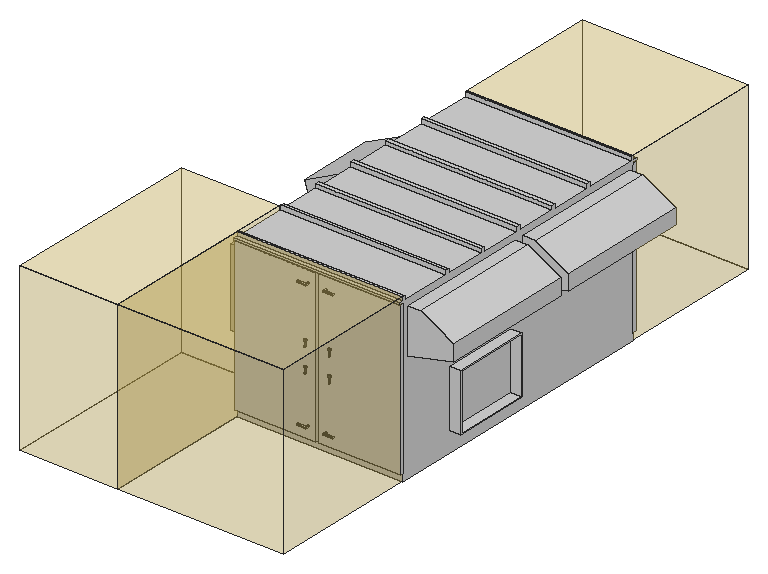
Revit family "Ventilator-RenewAire-Energy-Recovery-LE6XRTF", category Mechanical Equipment, Revit 2015
Parameters (values of type "3.0 HP 208-230V Single Phase")
  Voltage = "208-230"
  Ventilation Type = "Static Plate, Heat and Humidity Transfer"
  Unit Width = "125-1/2\""
  Unit Weight - Modular = "1,017 - 1,461 lbs."
  Unit Weight - Assembled = "2,086 - 2,753 lbs."
  Unit Length = "111-1/4\""
  Unit Height = "71-1/4\""
  Unit = Metal - RenewAire - Anodized - Gray Text
  URL = "www.renewaire.com"
  Typical Airflow Range = "1,500 - 6,600 CFM"
  Standard Features = "TEFC Premium efficiency motors, Motor starters, Non-fused disconnect, 24 VAC transformer/relay package"
  Shipping Weight - Assembled = "3,035 lbs."
  Service Area Visibility = yes
  Service Area Box = Interference - RenewAire - Smooth - Light - Gold
  Revit Object Download Link = ""
  Phase = "Single"
  Options = "Integrated programmable controls, Fused disconnect, Double wall construction, Factory supplied and mounted variable frequency drives (VFDs) - one or both airstreams, Class 1 low-leakage motorized isolation dampers - OA, RA or both airstreams, Qty. 2 Factory mounted filter alarms, Exterior Paint - white, custom colors, Spring Vibration Isolators"
  Number Motors = "Qty. 2, Belt drive blower/ standard motor packages with choice of adjustable sheaves for low, medium or high blower speed"
  Model = "LE6XRTF"
  Minimum Circuit Amps = "33.1 A"
  Maximum Overcurrent Protection = "40 A"
  Max. Shipping Height - Modular = "78\""
  Max. Shipping Width - Assembled = "90\""
  Max. Shipping Weight - Module 2 = "1,491 lbs."
  Max. Shipping Weight - Module 1 = "1,602 lbs."
  Max. Shipping Width - Modular = "90\""
  Max. Shipping Length - Assembled = "160\""
  Max. Shipping Length - Modular = "80\""
  Max. Shipping Height - Assembled = "78\""
  Manufacturer = "RenewAire LLC"
  Frequency = "60 HZ"
  FLA per Motor = "14.7 - 14"
  Description = "Energy Recovery Ventilator"
  Connector Base Material = Glass - With - Transparency
  Accessories = "Filters - MERV 13, 2\" or 4\"; MERV 8, 4\"  (shipped loose), Roof curb - standard 14\", Curb wind clip, Engineered combo curb for Carrier RTU, Engineered combo curb for Trane RTU, Digital time clock - wall mount(TC7D-W), in exterior enclosure (TC7D-E), Motion occupancy control - ceiling mount(MC-C), wall mount(MC-W), Carbon Dioxide control - wall mount(CO2-W), duct mount (CO2-D), Electric duct heater – EK series (1-60 kW), EH series (61-175 kW); designed for indoor ductwork installation only, Indirect gas-fired duct furnace - GH series (50-400 MBH), installed downstream of any fans"
  AHRI 1060 Certified Core = "Six L125-G5"
Types (11): name | Voltage | Phase | Minimum Circuit Amps | Maximum Overcurrent Protection | FLA per Motor
  (no name) | "208-230" | "Single" | "33.1 A" | "40 A" | "14.7 - 14"
  3.0 HP 208-230V Single Phase | "208-230" | "Single" | "33.1 A" | "40 A" | "14.7 - 14"
  3.0 HP 208-230V Three Phase | "208-230" | "Three" | "21.1 A" | "25 A" | "9.38-8.48"
  3.0 HP 460V Three Phase | "460" | "Three" | "9.5 A" | "15 A" | "4.24"
  3.0 HP 575V Three Phase | "575" | "Three" | "7.4 A" | "15 A" | "3.3"
  5.0 HP 208-230V Three Phase | "208-230" | "Three" | "32.6 A" | "45 A" | "14.5-13.4"
  5.0 HP 460V Three Phase | "460" | "Three" | "15.1 A" | "20 A" | "6.7"
  5.0 HP 575V Three Phase | "575" | "Three" | "11.9 A" | "15 A" | "5.3"
  7.5 HP 208-230V Three Phase | "208-230" | "Three" | "47.3 A" | "60 A" | "21.0-19.0"
  7.5 HP 460V Three Phase | "460" | "Three" | "21.4 A" | "25 A" | "9.5"
  7.5 HP 575V Three Phase | "575" | "Three" | "17.1 A" | "20 A" | "7.6"
Reference planes (in)
  plane 1 "Center (Front/Back)": y = 0
  plane 2: z = 0
  plane 3 "Center (Left/Right)": x = 0
Forms (in)
  Extrusion 1, solid, material "Metal - RenewAire - Anodized - Gray Text"
    sketch origin (-0.48313, -5.9375, 75.0345) x (1, 0, 0) y (0, 0, -1)
      loop
        circle (-3.25, 67.0345) r 0.25
    from -56.3125 to -55.5625
  Extrusion 2, solid, material "Metal - RenewAire - Anodized - Gray Text"
    sketch origin (-0.48313, -5.9375, 75.0345) x (0, 1, 0) y (0, 0, -1)
      loop
        line (-56.3125, 67.2845) -> (-57.1875, 67.2845) -> (-57.1875, 66.7845) -> (-56.3125, 66.7845) -> (-56.3125, 67.2845)
    from 2.95437 to 7.02735
  Extrusion 3, solid, material "Metal - RenewAire - Anodized - Gray Text"
    sketch origin (-0.4375, -5.9375, 128.569) x (1, 0, 0) y (0, 0, -1)
      loop
        circle (-3.25, 67.0345) r 0.25
    from -56.3125 to -55.5625
  Extrusion 4, solid, material "Metal - RenewAire - Anodized - Gray Text"
    sketch origin (-0.48313, -5.9375, 128.569) x (0, 1, 0) y (0, 0, -1)
      loop
        line (-56.3125, 67.2845) -> (-57.1875, 67.2845) -> (-57.1875, 66.7845) -> (-56.3125, 66.7845) -> (-56.3125, 67.2845)
    from 2.95437 to 7.02735
  Extrusion 5, solid, material "Interference - RenewAire - Smooth - Light - Gold", visible <- "Service Area Visibility"
    sketch origin (19.25, 0, 0) x (1, 0, 0) y (0, 1, 0)
      loop
        line (-53.875, -38.125) -> (-94.8125, -38.125) -> (-94.8125, -122.25) -> (-53.875, -122.25) -> (-53.875, -38.125)
    from 0 to 69.25
  Extrusion 6, solid, material "Interference - RenewAire - Smooth - Light - Gold", visible <- "Service Area Visibility"
    sketch origin (0, -45.75, 0) x (1, 0, 0) y (0, 1, 0)
      loop
        line (34.625, -14.25) -> (-34.625, -14.25) -> (-34.625, -76.5) -> (34.625, -76.5) -> (34.625, -14.25)
    from 0 to 69.25
  Extrusion 7, solid, material "Metal - RenewAire - Anodized - Gray Text"
    sketch origin (0, 0, 0) x (0, 1, 0) y (0, 0, 1)
      loop
        line (59.25, 67.5) -> (37.55, 67.5) -> (37.55, 69.25) -> (36.05, 69.25) -> (36.05, 67.5) -> (19.15, 67.5) -> (19.15, 69.25) -> (17.65, 69.25) -> (17.65, 67.5) -> (0.75, 67.5) -> (0.75, 69.25) -> (-0.75, 69.25) -> (-0.75, 67.5) -> (-17.65, 67.5) -> (-17.65, 69.25) -> (-19.15, 69.25) -> (-19.15, 67.5) -> (-36.05, 67.5) -> (-36.05, 69.25) -> (-37.55, 69.25) -> (-37.55, 67.5) -> (-59.25, 67.5) -> (-59.25, 69.25) -> (-60, 69.25) -> (-60, 67.75) -> (-62, 67.75) -> (-62, 67) -> (-60, 67) -> (-60, 0) -> (60, 0) -> (60, 67) -> (62, 67) -> (62, 67.75) -> (60, 67.75) -> (60, 69.25) -> (59.25, 69.25) -> (59.25, 67.5)
    from -34.625 to 34.625
  Extrusion 8, solid, material "Interference - RenewAire - Smooth - Light - Gold", visible <- "Service Area Visibility"
    sketch origin (0, -32.65268, 0) x (1, 0, 0) y (0, 1, 0)
      loop
        line (34.625, 152.90268) -> (-34.625, 152.90268) -> (-34.625, 92.65268) -> (34.625, 92.65268) -> (34.625, 152.90268)
    from 0 to 69.25
  Extrusion 9, solid, material "Metal - RenewAire - Anodized - Gray Text"
    sketch origin (0, 0, 0) x (1, 0, 0) y (0, 0, 1)
      loop
        line (-34.625, 66.5) -> (-34.625, 3) -> (-0.5625, 3) -> (-0.5625, 66.5) -> (-34.625, 66.5)
    from 60 to 61.5
  Extrusion 10, solid, material "Metal - RenewAire - Anodized - Gray Text"
    sketch origin (-6.80202, 0, 0) x (1, 0, 0) y (0, 0, 1)
      loop
        line (7.36452, 66.5) -> (7.36452, 3) -> (41.42702, 3) -> (41.42702, 66.5) -> (7.36452, 66.5)
    from 60 to 61.5
  Extrusion 11, solid, material "Metal - RenewAire - Anodized - Gray Text"
    sketch origin (0, 0, 0) x (1, 0, 0) y (0, 0, 1)
      loop
        line (-34.625, 66.5) -> (-34.625, 3) -> (-0.5625, 3) -> (-0.5625, 66.5) -> (-34.625, 66.5)
    from -61.5 to -60
  Extrusion 12, solid, material "Metal - RenewAire - Anodized - Gray Text"
    sketch origin (-6.80202, 0, 0) x (1, 0, 0) y (0, 0, 1)
      loop
        line (7.36452, 66.5) -> (7.36452, 3) -> (41.42702, 3) -> (41.42702, 66.5) -> (7.36452, 66.5)
    from -61.5 to -60
  Extrusion 13, solid, material "Metal - RenewAire - Anodized - Gray Text"
    sketch origin (0, 0, 0) x (0, 1, 0) y (0, 0, 1)
      loop
        line (-38.125, 62) -> (-57.5, 62) -> (-57.5, 29.625) -> (-38.125, 29.625) -> (-38.125, 62)
    from -39.5625 to -34.625
  Extrusion 14, solid, material "Metal - RenewAire - Anodized - Gray Text"
    sketch origin (0, 0, 0) x (0, 1, 0) y (0, 0, 1)
      loop
        line (-49, 43.625) -> (-51.5, 43.625) -> (-51.5, 41.125) -> (-49, 41.125) -> (-49, 43.625)
    from -39.8125 to -39.5625
  Extrusion 15, solid, material "Metal - RenewAire - Anodized - Gray Text"
    sketch origin (0, 0, 0) x (0, 1, 0) y (0, 0, 1)
      loop
        circle (-50.24745, 42.375) r 1
    from -40.8125 to -39.8125
  Extrusion 16, solid, material "Metal - RenewAire - Anodized - Gray Text"
    sketch origin (0.48313, -5.9375, 75.0345) x (-1, 0, 0) y (0, 0, 1)
      loop
        circle (-3.25, -67.0345) r 0.25
    from -56.3125 to -55.5625
  Extrusion 17, solid, material "Metal - RenewAire - Anodized - Gray Text"
    sketch origin (0.48313, -5.9375, 75.0345) x (0, 1, 0) y (0, 0, 1)
      loop
        line (-56.3125, -67.2845) -> (-56.3125, -66.7845) -> (-57.1875, -66.7845) -> (-57.1875, -67.2845) -> (-56.3125, -67.2845)
    from 2.95437 to 7.02735
  Extrusion 18, solid, material "Metal - RenewAire - Anodized - Gray Text"
    sketch origin (0.4375, -5.9375, 128.569) x (-1, 0, 0) y (0, 0, 1)
      loop
        circle (-3.25, -67.0345) r 0.25
    from -56.3125 to -55.5625
  Extrusion 19, solid, material "Metal - RenewAire - Anodized - Gray Text"
    sketch origin (0.48313, -5.9375, 128.569) x (0, 1, 0) y (0, 0, 1)
      loop
        line (-56.3125, -67.2845) -> (-56.3125, -66.7845) -> (-57.1875, -66.7845) -> (-57.1875, -67.2845) -> (-56.3125, -67.2845)
    from 2.95437 to 7.02735
  Extrusion 20, solid, material "Metal - RenewAire - Anodized - Gray Text"
    sketch origin (-0.48313, 5.9375, 75.0345) x (1, 0, 0) y (0, 0, 1)
      loop
        circle (-3.25, -67.0345) r 0.25
    from -56.3125 to -55.5625
  Extrusion 21, solid, material "Metal - RenewAire - Anodized - Gray Text"
    sketch origin (-0.48313, 5.9375, 75.0345) x (0, -1, 0) y (0, 0, 1)
      loop
        line (-56.3125, -67.2845) -> (-56.3125, -66.7845) -> (-57.1875, -66.7845) -> (-57.1875, -67.2845) -> (-56.3125, -67.2845)
    from 2.95437 to 7.02735
  Extrusion 22, solid, material "Metal - RenewAire - Anodized - Gray Text"
    sketch origin (-0.4375, 5.9375, 128.569) x (1, 0, 0) y (0, 0, 1)
      loop
        circle (-3.25, -67.0345) r 0.25
    from -56.3125 to -55.5625
  Extrusion 23, solid, material "Metal - RenewAire - Anodized - Gray Text"
    sketch origin (-0.48313, 5.9375, 128.569) x (0, -1, 0) y (0, 0, 1)
      loop
        line (-56.3125, -67.2845) -> (-56.3125, -66.7845) -> (-57.1875, -66.7845) -> (-57.1875, -67.2845) -> (-56.3125, -67.2845)
    from 2.95437 to 7.02735
  Extrusion 24, solid, material "Metal - RenewAire - Anodized - Gray Text"
    sketch origin (0.48313, 5.9375, 75.0345) x (-1, 0, 0) y (0, 0, -1)
      loop
        circle (-3.25, 67.0345) r 0.25
    from -56.3125 to -55.5625
  Extrusion 25, solid, material "Metal - RenewAire - Anodized - Gray Text"
    sketch origin (0.48313, 5.9375, 75.0345) x (0, -1, 0) y (0, 0, -1)
      loop
        line (-56.3125, 67.2845) -> (-57.1875, 67.2845) -> (-57.1875, 66.7845) -> (-56.3125, 66.7845) -> (-56.3125, 67.2845)
    from 2.95437 to 7.02735
  Extrusion 26, solid, material "Metal - RenewAire - Anodized - Gray Text"
    sketch origin (0.4375, 5.9375, 128.569) x (-1, 0, 0) y (0, 0, -1)
      loop
        circle (-3.25, 67.0345) r 0.25
    from -56.3125 to -55.5625
  Extrusion 27, solid, material "Metal - RenewAire - Anodized - Gray Text"
    sketch origin (0.48313, 5.9375, 128.569) x (0, -1, 0) y (0, 0, -1)
      loop
        line (-56.3125, 67.2845) -> (-57.1875, 67.2845) -> (-57.1875, 66.7845) -> (-56.3125, 66.7845) -> (-56.3125, 67.2845)
    from 2.95437 to 7.02735
  Extrusion 28, solid, material "Metal - RenewAire - Anodized - Gray Text"
    sketch origin (0, 0, 0) x (0, 1, 0) y (0, 0, 1)
      loop
        line (-36.125, 32.75) -> (-36.125, 8.75) -> (-4.125, 8.75) -> (-4.125, 32.75) -> (-36.125, 32.75)
      loop
        line (-35.875, 32.5) -> (-35.875, 9) -> (-4.375, 9) -> (-4.375, 32.5) -> (-35.875, 32.5)
    from 34.625 to 39.625
  Extrusion 29, void
    sketch origin (0, 0, 0) x (1, 0, 0) y (0, 1, 0)
      loop
        line (-23.8125, -16) -> (-23.8125, -35.25) -> (-7.6875, -35.25) -> (-7.6875, -16) -> (-23.8125, -16)
    from -2.22657 to 4.75
  Extrusion 30, void
    sketch origin (0, 0, 0) x (1, 0, 0) y (0, 1, 0)
      loop
        line (3, -5.75) -> (3, -37.25) -> (27, -37.25) -> (27, -5.75) -> (3, -5.75)
    from -2.22657 to 4.75
  Extrusion 31, solid, material "Metal - RenewAire - Anodized - Gray Text"
    sketch origin (0, 0, 0) x (1, 0, 0) y (0, 0, 1)
      loop
        line (-34.625, 64.375) -> (-56.875, 53.375) -> (-51.875, 37) -> (-34.625, 37) -> (-34.625, 64.375)
    from -34.75 to -2.75
  Extrusion 32, solid, material "Metal - RenewAire - Anodized - Gray Text"
    sketch origin (0, 0, 0) x (1, 0, 0) y (0, 0, 1)
      loop
        line (34.625, 65) -> (34.625, 46) -> (54.25, 51) -> (54.25, 57.5) -> (40.375, 65) -> (34.625, 65)
    from 2 to 58
  Extrusion 33, solid, material "Metal - RenewAire - Anodized - Gray Text"
    sketch origin (0, 0, 0) x (1, 0, 0) y (0, 0, 1)
      loop
        line (34.625, 65) -> (34.625, 46) -> (54.25, 51) -> (54.25, 57.5) -> (40.375, 65) -> (34.625, 65)
    from -58 to -2
  Extrusion 34, void
    sketch origin (0, 0, 0) x (1, 0, 0) y (0, 1, 0)
      loop
        line (-34.125, 59.5) -> (-34.125, -59.5) -> (34.125, -59.5) -> (34.125, 59.5) -> (-34.125, 59.5)
    from 0 to 4.625
Cuts and joins
  Extrusion 29, Extrusion 30, Extrusion 34 cuts Extrusion 7
Dimensions and locks (in)
  aligned and locked: level to plane 2
  aligned and locked: Extrusion 6 to Extrusion 10
  aligned and locked: Extrusion 6 to Extrusion 12
  aligned and locked: Extrusion 6 to Extrusion 7  (x2)
Nested families (in)
  nested 1: "Monitoring Port" at (-5.0625, -61.5, 27.071), type "Monitoring Port"
  nested 2: "Monitoring Port" at (-5.0625, -61.5, 37.1055), type "Monitoring Port"
  nested 3: "Monitoring Port" at (5.0625, -61.5, 27.071) x (-1, 0, 0) z (0, 0, 1), type "Monitoring Port"
  nested 4: "Monitoring Port" at (5.0625, -61.5, 37.1055) x (-1, 0, 0) z (0, 0, 1), type "Monitoring Port"
  nested 5: "Monitoring Port" at (-5.0625, 61.5, 27.071), type "Monitoring Port"
  nested 6: "Monitoring Port" at (-5.0625, 61.5, 37.1055), type "Monitoring Port"
  nested 7: "Monitoring Port" at (5.0625, 61.5, 27.071) x (-1, 0, 0) z (0, 0, 1), type "Monitoring Port"
  nested 8: "Monitoring Port" at (5.0625, 61.5, 37.1055) x (-1, 0, 0) z (0, 0, 1), type "Monitoring Port"
Connectors (in)
  hvac at (34.625, -20.125, 20.75)
    settings: on Extrusion 28, index 1, duct flow 0 CFM, flow factor 0, pres drop 0.00 in-wg, loss coef 0, conn angle 0.00°, conn width 32", conn height 24", conn diameter 24", duct sys type 2, conn prof type 1, flow config 0, flow direction 1, loss method 0, conn ref index -1, conn util no, is conn primary yes, conn desc "RA (Return Air)"
  hvac at (-15.75, -25.625, 4.75)
    settings: on cut or joined group of Extrusion 7, Extrusion 29, Extrusion 30, Extrusion 34, index 4, duct flow 0 CFM, flow factor 0, pres drop 0.00 in-wg, loss coef 0, conn angle 0.00°, conn width 19 1/2", conn height 16 1/8", conn diameter 24", duct sys type 1, conn prof type 1, flow config 0, flow direction 2, loss method 0, conn ref index -1, conn util no, is conn primary no, conn desc "FA (Fresh Air)"
Definition of nested family "Monitoring Port"
  Parameters (values of type "Monitoring Port")
    URL = "www.renewaire.com"
    Revit Object Download Link = ""
    Model = ""
    Manufacturer = "RenewAire LLC"
    Description = "Monitoring Ports"
  Reference planes (in)
    plane 1 "Center (Front/Back)": y = 0
    plane 2: z = 0
    plane 3 "Center (Left/Right)": x = 0
  Forms (in)
    Extrusion 1, solid
      sketch origin (-9.43348, 0, 37.76669) x (-1, 0, 0) y (0, 0, -1)
        loop
          line (-9.53348, 35.65895) -> (-9.94097, 35.42369) -> (-9.94097, 34.83769) -> (-9.43348, 34.54469) -> (-8.92599, 34.83769) -> (-8.92599, 35.42369) -> (-9.33348, 35.65895) -> (-9.33348, 37.28756)
          arc (-9.33348, 37.28756) -> (-9.43348, 37.76669) -> (-9.53348, 37.28756) r 0.25
          line (-9.53348, 37.28756) -> (-9.53348, 35.65895)
      from 0 to 0.25
  Dimensions and locks (in)
    aligned and locked: level to plane 2
